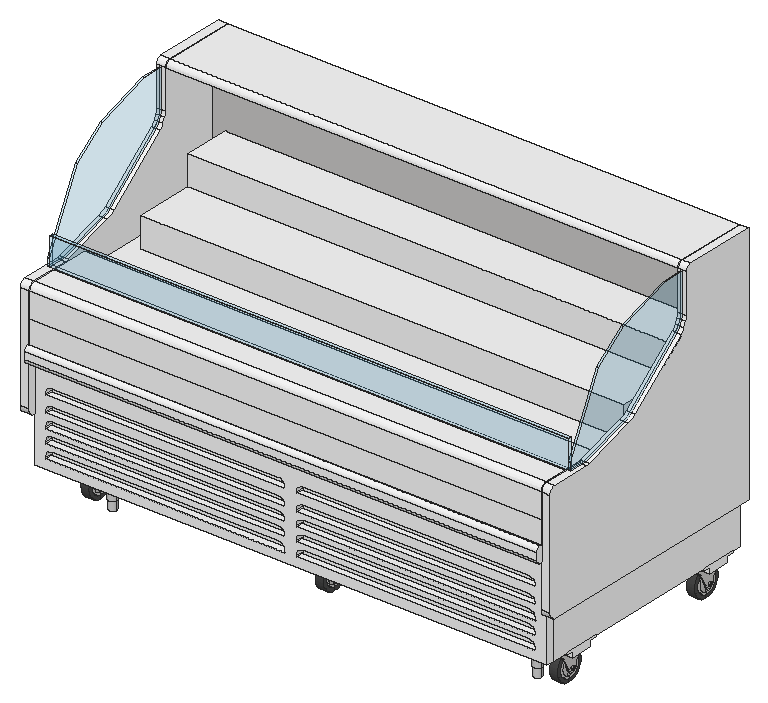
Revit family "QF_EVEREST_EOMH-72-_-35-S_cat", category Specialty Equipment, Revit 2016
Family settings
  Part Type = Normal
  Round Connector Dimension = Use Diameter
  Work Plane-Based = No
  Always vertical = Yes
  Cut with Voids When Loaded = No
  Shared = No
  Room Calculation Point = No
Parameters (values of type "EOMH-36-B-35-S")
  Weight in Pounds = 0
  Watts = if(Phase = 3, Volts * FL Amps * 1.73, Volts * FL Amps)  # 1518 W
  Volts = 115 V
  URL Cutsheet = ""
  Specification by User = ""
  Specification by Manufacturer = ""
  Serial Number = ""
  Seismic Rating = ""
  SMACNA No = ""
  Revision Code = ""
  Refrigerant Volume = 0.00 kip
  Refrigerant Type = "R290"
  Phase = 1
  Number of Poles = 1
  NAFEM Spec ID Number = ""
  Model = "EOMH-36-B-35-S"
  Min Ckt Ampacity = 0 A
  Max Overcurrent Protection = 0 A
  Materials and Finishes = QF_Plastic - White - Smooth
  Masterspec = ""
  Manufacturer = "EVEREST"
  Length = 73 1/4"
  Item Number = ""
  Installed By = ""
  Identify Quantity as Lot = yes
  Height = 46"
  HP = "3/4 x 2"
  Furnished By = ""
  Foodservice Equipment Identifier = yes
  FL Amps = 13.2 A
  Electrical Remarks = ""
  Electric Connection Type = ""
  Elec Conn RI Height = 0"
  Elec Conn Connection Height = 0"
  Description = "OPEN AIR MERCHANDISERS"
  Depth = 34 1/4"  # constant formula
  Cycle = 60 Hz
  Conn Plug = ""
  Conn Conduit = yes
  CSI MasterFormat = ""
  BTUH = 0.0 Btu/h
  Apparent Power = if(Phase = 3, Volts * FL Amps * 1.73, Volts * FL Amps)  # 1518 VA
Types (2): name | Watts | Model | Length | HP | FL Amps | Apparent Power
  EOMH-36-B-35-S | 1518 W | "EOMH-36-B-35-S" | 73 1/4" | "3/4 x 2" | 13.2 A | 1518 VA
  EOMH-36-W-35-S | 808.45 W | "EOMH-36-W-35-S" | 37 1/4" | "1/2" | 7.03 A | 808.45 VA
Reference planes (in)
  plane 1 "BACK": y = 0
  plane 2: z = 0
  plane 3 "LEFT": x = 0
  plane 4 "RIGHT": x = 73.25
  plane 5 "FRONT": y = -35
  plane 6 "TOP": z = 46
  plane 7 "Center Y": x = 36.625
  plane 8 "Center X": y = -17.5
  plane 9: z = 5
  plane 10: y = -34.25
  plane 11: z = 28.75
  plane 12: z = 27.60291
  plane 13: z = 41.47791
  plane 14: z = 34.60291
  plane 15: z = 30.60291
  plane 16: x = 34.02396
  plane 17: x = 4.24624
  plane 18: x = 69.00376
  plane 19: x = 18.3125
Forms (in)
  Extrusion 1, solid, material "QF_Plastic - White - Smooth" <- "Materials and Finishes"
    sketch origin (0, 0, 0) x (0, 1, 0) y (0, 0, 1)
      loop
        line (-34.25, 27.89222) -> (-34.25, 13.267)
        arc (-34.25, 13.267) -> (-33.95711, 12.55989) -> (-33.25, 12.267) r 1
        line (-33.25, 12.267) -> (0, 12.267) -> (0, 46) -> (-9.89202, 46)
        arc (-9.89202, 46) -> (-10.42235, 45.78033) -> (-10.64202, 45.25) r 0.75
        line (-10.64202, 45.25) -> (-10.64202, 39.81762)
        arc (-10.64202, 39.81762) -> (-10.67655, 39.48909) -> (-10.77862, 39.17493) r 1.58011
        line (-10.77862, 39.17493) -> (-11.07326, 38.51317)
        arc (-11.07326, 38.51317) -> (-11.27864, 38.16795) -> (-11.55894, 37.88021) r 1.70881
        line (-11.55894, 37.88021) -> (-19.4737, 31.47097)
        arc (-19.4737, 31.47097) -> (-20.01081, 31.10868) -> (-20.60268, 30.84517) r 3.71678
        line (-20.60268, 30.84517) -> (-27.34035, 28.82267)
        arc (-27.34035, 28.82267) -> (-27.58511, 28.76826) -> (-27.83519, 28.75) r 1.72116
        line (-27.83519, 28.75) -> (-33.39222, 28.75)
        arc (-33.39222, 28.75) -> (-33.99876, 28.49876) -> (-34.25, 27.89222) r 0.85778
    from 0 to 1.22604
  Extrusion 2, solid, material "QF_Plastic - White - Smooth" <- "Materials and Finishes"
    sketch origin (0, 0, 0) x (0, 1, 0) y (0, 0, 1)
      loop
        line (0, 46) -> (-9.89202, 46)
        arc (-9.89202, 46) -> (-10.42235, 45.78033) -> (-10.64202, 45.25) r 0.75
        line (-10.64202, 45.25) -> (-2.75, 45.25) -> (-2.75, 24.45765) -> (-33.25, 24.45765) -> (-33.25, 21.29979) -> (-34.35184, 21.29979)
        arc (-34.35184, 21.29979) -> (-34.81016, 21.10995) -> (-35, 20.65164) r 0.64816
        line (-35, 20.65164) -> (-35, 19.73115)
        arc (-35, 19.73115) -> (-34.82789, 19.31565) -> (-34.41239, 19.14354) r 0.58761
        line (-34.41239, 19.14354) -> (-33.25, 19.14354) -> (-32.25, 19.14354) -> (-32.25, 6.017) -> (0, 6.017) -> (0, 46)
    from 1.22604 to 72.03125
  Extrusion 3, solid, material "QF_Plastic - White - Smooth" <- "Materials and Finishes"
    sketch origin (0, -32.25, 6.017) x (0, 0, 1) y (-1, 0, 0)
      loop
        line (13.12655, -1.22604) -> (0, -1.22604) -> (0, -72.03125) -> (13.12655, -72.03125) -> (13.12655, -1.22604)
      loop
        arc (10.31385, -3.79099) -> (10.02095, -3.08389) -> (9.31385, -2.79099) r 1
        line (9.31385, -2.79099) -> (9.12635, -2.79099) -> (9.12635, -35.86078) -> (9.31385, -35.86078)
        arc (9.31385, -35.86078) -> (10.02095, -35.56789) -> (10.31385, -34.86078) r 1
        line (10.31385, -34.86078) -> (10.31385, -3.79099)
      loop
        line (10.31385, -69.46629) -> (10.31385, -38.40379)
        arc (10.31385, -38.40379) -> (10.02095, -37.69669) -> (9.31385, -37.40379) r 1
        line (9.31385, -37.40379) -> (9.12635, -37.40379) -> (9.12635, -70.46629) -> (9.31385, -70.46629)
        arc (9.31385, -70.46629) -> (10.02095, -70.1734) -> (10.31385, -69.46629) r 1
      loop
        arc (8.06385, -3.79099) -> (7.77095, -3.08389) -> (7.06385, -2.79099) r 1
        line (7.06385, -2.79099) -> (6.87635, -2.79099) -> (6.87635, -35.86078) -> (7.06385, -35.86078)
        arc (7.06385, -35.86078) -> (7.77095, -35.56789) -> (8.06385, -34.86078) r 1
        line (8.06385, -34.86078) -> (8.06385, -3.79099)
      loop
        line (8.06385, -69.46629) -> (8.06385, -38.40379)
        arc (8.06385, -38.40379) -> (7.77095, -37.69669) -> (7.06385, -37.40379) r 1
        line (7.06385, -37.40379) -> (6.87635, -37.40379) -> (6.87635, -70.46629) -> (7.06385, -70.46629)
        arc (7.06385, -70.46629) -> (7.77095, -70.1734) -> (8.06385, -69.46629) r 1
      loop
        arc (6.19272, -3.79099) -> (5.89982, -3.08389) -> (5.19272, -2.79099) r 1
        line (5.19272, -2.79099) -> (5.00522, -2.79099) -> (5.00522, -35.86078) -> (5.19272, -35.86078)
        arc (5.19272, -35.86078) -> (5.89982, -35.56789) -> (6.19272, -34.86078) r 1
        line (6.19272, -34.86078) -> (6.19272, -3.79099)
      loop
        line (6.19272, -69.46629) -> (6.19272, -38.40379)
        arc (6.19272, -38.40379) -> (5.89982, -37.69669) -> (5.19272, -37.40379) r 1
        line (5.19272, -37.40379) -> (5.00522, -37.40379) -> (5.00522, -70.46629) -> (5.19272, -70.46629)
        arc (5.19272, -70.46629) -> (5.89982, -70.1734) -> (6.19272, -69.46629) r 1
      loop
        arc (4.32159, -3.79099) -> (4.02869, -3.08389) -> (3.32159, -2.79099) r 1
        line (3.32159, -2.79099) -> (3.13409, -2.79099) -> (3.13409, -35.86078) -> (3.32159, -35.86078)
        arc (3.32159, -35.86078) -> (4.02869, -35.56789) -> (4.32159, -34.86078) r 1
        line (4.32159, -34.86078) -> (4.32159, -3.79099)
      loop
        line (4.32159, -69.46629) -> (4.32159, -38.40379)
        arc (4.32159, -38.40379) -> (4.02869, -37.69669) -> (3.32159, -37.40379) r 1
        line (3.32159, -37.40379) -> (3.13409, -37.40379) -> (3.13409, -70.46629) -> (3.32159, -70.46629)
        arc (3.32159, -70.46629) -> (4.02869, -70.1734) -> (4.32159, -69.46629) r 1
      loop
        arc (2.45046, -3.79099) -> (2.15757, -3.08389) -> (1.45046, -2.79099) r 1
        line (1.45046, -2.79099) -> (1.26296, -2.79099) -> (1.26296, -35.86078) -> (1.45046, -35.86078)
        arc (1.45046, -35.86078) -> (2.15757, -35.56789) -> (2.45046, -34.86078) r 1
        line (2.45046, -34.86078) -> (2.45046, -3.79099)
      loop
        line (2.45046, -69.46629) -> (2.45046, -38.40379)
        arc (2.45046, -38.40379) -> (2.15757, -37.69669) -> (1.45046, -37.40379) r 1
        line (1.45046, -37.40379) -> (1.26296, -37.40379) -> (1.26296, -70.46629) -> (1.45046, -70.46629)
        arc (1.45046, -70.46629) -> (2.15757, -70.1734) -> (2.45046, -69.46629) r 1
    from 0 to 1.03984
  Extrusion 4, solid, material "QF_Plastic - White - Smooth" <- "Materials and Finishes"
    sketch origin (1.22604, 0, 0) x (0, 1, 0) y (0, 0, 1)
      loop
        line (-33.25, 21.29979) -> (-33.25, 24.45765) -> (-34.25, 24.45765) -> (-34.25, 21.29979) -> (-33.25, 21.29979)
    from 0 to 70.80521
  Extrusion 5, solid, material "QF_Plastic - White - Smooth" <- "Materials and Finishes"
    sketch origin (1.22604, 0, -1.12184) x (0, 1, 0) y (0, 0, 1)
      loop
        line (-30, 29.87184) -> (-30, 25.5795) -> (-2.75, 25.5795) -> (-2.75, 27.57767) -> (-24.75, 27.57767) -> (-24.75, 29.87184) -> (-30, 29.87184)
    from 0 to 70.80521
  Extrusion 6, solid, material "QF_Plastic - White - Smooth"
    sketch origin (0, 0, 0) x (0, 1, 0) y (0, 0, 1)
      loop
        line (-9.25, 30.60291) -> (-17.5, 30.60291) -> (-17.5, 26.45582) -> (-2.75, 26.45582) -> (-2.75, 34.60291) -> (-9.25, 34.60291) -> (-9.25, 30.60291)
    from 3.22604 to 70.02396
  Extrusion 7, solid, material "QF_Plastic - White - Smooth" <- "Materials and Finishes"
    sketch origin (0, 0, 0) x (0, 1, 0) y (0, 0, 1)
      loop
        line (-29.89975, 6.017) -> (-29.89975, 5.767) -> (-28.83868, 5.767) -> (-28.83868, 5) -> (-25.83868, 5) -> (-25.83868, 5.767) -> (-24.79418, 5.767) -> (-24.79418, 6.017) -> (-29.89975, 6.017)
      loop
        line (-6.20569, 6.017) -> (-6.20569, 5.767) -> (-5.14462, 5.767) -> (-5.14462, 5) -> (-2.14462, 5) -> (-2.14462, 5.767) -> (-1.10012, 5.767) -> (-1.10012, 6.017) -> (-6.20569, 6.017)
    from 1.22604 to 72.03125
  Extrusion 8, solid, material "QF_Plastic - White - Smooth" <- "Materials and Finishes"
    sketch origin (1.22604, 0, -1.12184) x (0, 1, 0) y (0, 0, 1)
      loop
        line (-34.25, 29.0036) -> (-34.25, 25.5795) -> (-30, 25.5795) -> (-30, 29.87184) -> (-33.38176, 29.87184)
        arc (-33.38176, 29.87184) -> (-33.9957, 29.61754) -> (-34.25, 29.0036) r 0.86824
    from 0 to 70.80521
  Extrusion 9, solid, material "Glass"
    sketch origin (1.22604, 0, 0) x (0, 1, 0) y (0, 0, 1)
      loop
        arc (-11.55894, 37.88021) -> (-11.27864, 38.16795) -> (-11.07326, 38.51317) r 1.70881
        line (-11.07326, 38.51317) -> (-10.77862, 39.17493)
        arc (-10.77862, 39.17493) -> (-10.67655, 39.48909) -> (-10.64202, 39.81762) r 1.58011
        line (-10.64202, 39.81762) -> (-10.64202, 45.10064) -> (-13.67862, 45.10064) -> (-20.83286, 42.70924) -> (-25.14273, 39.53363) -> (-29.99971, 29.89792) -> (-29.99971, 28.75) -> (-27.83519, 28.75)
        arc (-27.83519, 28.75) -> (-27.58511, 28.76826) -> (-27.34035, 28.82267) r 1.72116
        line (-27.34035, 28.82267) -> (-20.0367, 31.01506) -> (-11.55894, 37.88021)
    from -0.51714 to -0.7699
  Extrusion 10, solid, material "Glass"
    sketch origin (73.25, 0, 0) x (0, -1, 0) y (0, 0, 1)
      loop
        line (20.83286, 42.70924) -> (13.67862, 45.10064) -> (10.64202, 45.10064) -> (10.64202, 39.81762)
        arc (10.64202, 39.81762) -> (10.67655, 39.48909) -> (10.77862, 39.17493) r 1.58011
        line (10.77862, 39.17493) -> (11.07326, 38.51317)
        arc (11.07326, 38.51317) -> (11.27864, 38.16795) -> (11.55894, 37.88021) r 1.70881
        line (11.55894, 37.88021) -> (20.0367, 31.01506) -> (27.34035, 28.82267)
        arc (27.34035, 28.82267) -> (27.58511, 28.76826) -> (27.83519, 28.75) r 1.72116
        line (27.83519, 28.75) -> (29.99971, 28.75) -> (29.99971, 29.89792) -> (25.14273, 39.53363) -> (20.83286, 42.70924)
    from 0.51563 to 0.76953
  Extrusion 11, solid, material "QF_Plastic - White - Smooth" <- "Materials and Finishes"
    sketch origin (73.25, 0, 0) x (0, -1, 0) y (0, 0, 1)
      loop
        arc (34.25, 27.89222) -> (33.99876, 28.49876) -> (33.39222, 28.75) r 0.85778
        line (33.39222, 28.75) -> (27.83519, 28.75)
        arc (27.83519, 28.75) -> (27.58511, 28.76826) -> (27.34035, 28.82267) r 1.72116
        line (27.34035, 28.82267) -> (20.60268, 30.84517)
        arc (20.60268, 30.84517) -> (20.01081, 31.10868) -> (19.4737, 31.47097) r 3.71678
        line (19.4737, 31.47097) -> (11.55894, 37.88021)
        arc (11.55894, 37.88021) -> (11.27864, 38.16795) -> (11.07326, 38.51317) r 1.70881
        line (11.07326, 38.51317) -> (10.77862, 39.17493)
        arc (10.77862, 39.17493) -> (10.67655, 39.48909) -> (10.64202, 39.81762) r 1.58011
        line (10.64202, 39.81762) -> (10.64202, 45.25)
        arc (10.64202, 45.25) -> (10.42235, 45.78033) -> (9.89202, 46) r 0.75
        line (9.89202, 46) -> (0, 46) -> (0, 12.267) -> (33.25, 12.267)
        arc (33.25, 12.267) -> (33.95711, 12.55989) -> (34.25, 13.267) r 1
        line (34.25, 13.267) -> (34.25, 27.89222)
    from 0 to 1.21875
  Extrusion 12, solid, material "Glass"
    sketch origin (0.7089, 0, 0) x (0, 1, 0) y (0, 0, 1)
      loop
        line (-29.99971, 28.75) -> (-29.49971, 28.75) -> (-29.49971, 32.75) -> (-29.99971, 32.75) -> (-29.99971, 28.75)
    from 0 to 71.77157
  Extrusion 13, solid, material "QF_Metal - Stainless - Polished"
    sketch origin (-0.3125, 0.75, 0) x (1, 0, 0) y (0, 1, 0)
      loop
        line (17.93111, 0.25) -> (17.62982, -0.625) -> (17.14606, -0.625) -> (17.08777, -0.75) -> (17.71898, -0.75) -> (18.02027, 0.125) -> (19.22973, 0.125) -> (19.53102, -0.75) -> (20.16223, -0.75) -> (20.10394, -0.625) -> (19.62018, -0.625) -> (19.31889, 0.25) -> (17.93111, 0.25)
    from 30.20553 to 31.45625
  Extrusion 14, solid, material "QF_Metal - Stainless - Polished"
    sketch origin (73.5625, 0.75, 0) x (-1, 0, 0) y (0, -1, 0)
      loop
        line (17.93111, -0.25) -> (19.31889, -0.25) -> (19.62018, 0.625) -> (20.10394, 0.625) -> (20.16223, 0.75) -> (19.53102, 0.75) -> (19.22973, -0.125) -> (18.02027, -0.125) -> (17.71898, 0.75) -> (17.08777, 0.75) -> (17.14606, 0.625) -> (17.62982, 0.625) -> (17.93111, -0.25)
    from 30.20553 to 31.45625
Lines and regions (in)
  symbolic lines
    curve 1: line (0, -34.25, 0) -> (73.25, -34.25, 0)
    curve 2: line (0, 0, 0) -> (0, -34.25, 0)
    curve 3: line (73.25, 0, 0) -> (0, 0, 0)
    curve 4: line (73.25, -34.25, 0) -> (73.25, 0, 0)
    curve 5: line (1.22604, -35, 0) -> (1.22604, -34.25, 0)
    curve 6: line (1.22604, -35, 0) -> (72.02396, -35, 0)
    curve 7: line (72.02396, -35, 0) -> (72.02396, -34.25, 0)
    curve 8: line (1.22604, 0, 0) -> (1.22604, -34.25, 0)
    curve 9: line (72.02396, 0, 0) -> (72.02396, -34.25, 0)
    curve 10: line (0.45614, -30.09346, 0) -> (0.7089, -30.09346, 0)
    curve 11: line (0.7089, -30.09346, 0) -> (0.7089, -10.64202, 0)
    curve 12: line (0.45614, -30.09346, 0) -> (0.45614, -10.64202, 0)
    curve 13: line (0, -10.64202, 0) -> (73.25, -10.64202, 0)
    curve 14: line (72.5411, -30.09346, 0) -> (72.5411, -10.64202, 0)
    curve 15: line (72.5411, -30.09346, 0) -> (72.79386, -30.09346, 0)
    curve 16: line (72.79386, -30.09346, 0) -> (72.79386, -10.64202, 0)
    curve 17: line (1.22604, -24.75, 0) -> (72.02396, -24.75, 0)
    curve 18: line (19.00639, 1, 0) -> (17.61861, 1, 0)
    curve 19: line (16.83356, 0.125, 0) -> (16.77527, 0, 0)
    curve 20: line (19.30768, 0.125, 0) -> (19.00639, 1, 0)
    curve 21: line (19.79144, 0.125, 0) -> (19.30768, 0.125, 0)
    curve 22: line (19.84973, 0, 0) -> (19.79144, 0.125, 0)
    curve 23: line (18.91723, 0.875, 0) -> (19.21852, 0, 0)
    curve 24: line (17.70777, 0.875, 0) -> (18.91723, 0.875, 0)
    curve 25: line (17.40648, 0, 0) -> (17.70777, 0.875, 0)
    curve 26: line (17.61861, 1, 0) -> (17.31732, 0.125, 0)
    curve 27: line (17.31732, 0.125, 0) -> (16.83356, 0.125, 0)
    curve 28: line (54.24361, 1, 0) -> (55.63139, 1, 0)
    curve 29: line (56.41644, 0.125, 0) -> (56.47473, 0, 0)
    curve 30: line (53.94232, 0.125, 0) -> (54.24361, 1, 0)
    curve 31: line (53.45856, 0.125, 0) -> (53.94232, 0.125, 0)
    curve 32: line (53.40027, 0, 0) -> (53.45856, 0.125, 0)
    curve 33: line (54.33277, 0.875, 0) -> (54.03148, 0, 0)
    curve 34: line (55.54223, 0.875, 0) -> (54.33277, 0.875, 0)
    curve 35: line (55.84352, 0, 0) -> (55.54223, 0.875, 0)
    curve 36: line (55.63139, 1, 0) -> (55.93268, 0.125, 0)
    curve 37: line (55.93268, 0.125, 0) -> (56.41644, 0.125, 0)
Dimensions and locks (in)
  equal spacing: plane 3 "LEFT", plane 7 "Center Y", plane 4 "RIGHT"
  "Length": plane 3 "LEFT" to plane 4 "RIGHT"
  equal spacing: plane 5 "FRONT", plane 8 "Center X", plane 1 "BACK"
  plane 5 "FRONT" to plane 1 "BACK" = 35"  (x2)
  "Height": plane 6 "TOP" to level
  plane 9 to plane 2 = 5"
  plane 6 "TOP" to plane 9 = 41"
  plane 4 "RIGHT" to plane 3 "LEFT" = 73 1/4"
  "Depth": plane 1 "BACK" to plane 10
  plane 11 to plane 2 = 28 3/4"
  plane 14 to plane 13 = 6 7/8"
  plane 15 to plane 13 = 10 7/8"
  plane 12 to plane 13 = 13 7/8"
  locked: plane 4 "RIGHT" to Extrusion 6 at 3.22604
  locked: plane 3 "LEFT" to Extrusion 6 at 3.22604
  locked: Extrusion 11 to plane 4 "RIGHT" at 1.21875
  locked: plane 18 to plane 4 "RIGHT" at 4.24624
  aligned and locked: plane 2 to level
  aligned and locked: Extrusion 2 to Extrusion 7
  aligned and locked: Extrusion 2 to Extrusion 11
  aligned and locked: Extrusion 8 to Extrusion 11
  aligned and locked: Extrusion 5 to Extrusion 11
  aligned and locked: Extrusion 4 to Extrusion 11
  aligned and locked: nested 2 to plane 18
  aligned and locked: nested 4 to plane 18
Automatic sketch dimensions
  curve 13 to plane 3 "LEFT" = 0"
  plane 5 "FRONT" to curve 6 = 0"
  plane 1 "BACK" to curve 8 = 0"
  curve 8 to plane 10 = 0"
  curve 4 to plane 4 "RIGHT" = 0"
  plane 3 "LEFT" to curve 10 = 0.45614"
  curve 10 to curve 10 = 0.25276"
  plane 3 "LEFT" to curve 6 = 1.22604"
  curve 27 to plane 1 "BACK" = 1/8"
  curve 27 to plane 19 = 1.47894"
  curve 19 to curve 26 = 0.48376"
  curve 18 to plane 19 = 0.69389"
  curve 18 to curve 25 = 0.08916"
  plane 19 to curve 24 = 0.60473"
  curve 23 to curve 20 = 0.08916"  (x2)
  curve 20 to plane 1 "BACK" = 1/8"
  curve 23 to curve 20 = 0.39045"
  curve 20 to curve 22 = 0.48376"
  curve 32 to plane 1 "BACK" = 1/8"
  plane 18 to curve 32 = 15.5452"
  curve 31 to curve 31 = 0.48376"
  curve 30 to curve 28 = 0.30129"
  curve 28 to curve 34 = 0.08916"
  curve 33 to curve 34 = 1.20946"
  curve 36 to plane 1 "BACK" = 1"
  curve 34 to curve 36 = 0.08916"
  curve 36 to plane 1 "BACK" = 1/8"
  curve 34 to curve 36 = 0.39045"
  curve 36 to curve 29 = 0.48376"
  plane 4 "RIGHT" to curve 7 = 1.22604"
  plane 4 "RIGHT" to curve 15 = 0.7089"
  curve 14 to curve 16 = 0.25276"
  plane 10 to curve 10 = 4.15654"
  plane 10 to curve 16 = 4.15654"
  curve 26 to curve 24 = 3/4"
  curve 35 to curve 28 = 1/8"
  curve 24 to curve 26 = 1/8"
  plane 3 "LEFT" to curve 17 = 1.22604"
  curve 19 to curve 19 = 0.05829"
  curve 26 to curve 25 = 0.08916"
  curve 21 to curve 22 = 0.05829"
  curve 32 to curve 31 = 0.05829"
  curve 30 to curve 33 = 0.08916"
  curve 35 to curve 36 = 0.08916"
  curve 29 to curve 29 = 0.05829"
  plane 4 "RIGHT" to curve 17 = 1.22604"
  curve 10 to curve 17 = 5.34346"
  plane 8 "Center X" to curve 12 = 6.85798"
  Extrusion 1 sketch curve to plane 10 = 0"
  Extrusion 1 sketch curve to plane 11 = 0"
  Extrusion 1 sketch curve to plane 6 "TOP" = 0"
  Extrusion 1 sketch curve to plane 1 "BACK" = 0"
  Extrusion 1 sketch curve to plane 12 = 0.28931"
  plane 10 to Extrusion 1 sketch curve = 1"
  plane 15 to Extrusion 1 sketch curve = 0.13175"
  Extrusion 1 sketch curve to Extrusion 1 sketch curve = 5.55703"
  plane 11 to Extrusion 1 sketch curve = 0.07267"
  plane 14 to Extrusion 1 sketch curve = 0.24346"
  Extrusion 1 sketch curve to plane 8 "Center X" = 4.31274"
  Extrusion 1 sketch curve to plane 15 = 0.24226"
  Extrusion 1 sketch curve to plane 8 "Center X" = 3.10268"
  Extrusion 1 sketch curve to plane 15 = 0.86806"
  plane 13 to Extrusion 1 sketch curve = 2.26971"
  plane 8 "Center X" to Extrusion 1 sketch curve = 4.86567"
  Extrusion 1 sketch curve to Extrusion 1 sketch curve = 0.4122"
  Extrusion 1 sketch curve to Extrusion 1 sketch curve = 1.07539"
  plane 13 to Extrusion 1 sketch curve = 2.96474"
  Extrusion 1 sketch curve to Extrusion 1 sketch curve = 0.48569"
  plane 13 to Extrusion 1 sketch curve = 2.30298"
  Extrusion 1 sketch curve to Extrusion 1 sketch curve = 0.29463"
  Extrusion 1 sketch curve to Extrusion 1 sketch curve = 0.13661"
  Extrusion 1 sketch curve to Extrusion 1 sketch curve = 3/4"
  plane 9 to Extrusion 1 sketch curve = 8.267"
  Extrusion 2 sketch curve to plane 5 "FRONT" = 0"
  Extrusion 2 sketch curve to plane 6 "TOP" = 0"
  Extrusion 2 sketch curve to plane 1 "BACK" = 0"
  Extrusion 2 sketch curve to plane 10 = 0.16239"
  Extrusion 2 sketch curve to plane 10 = 0.10184"
  plane 10 to Extrusion 2 sketch curve = 1"  (x2)
  Extrusion 2 sketch curve to Extrusion 2 sketch curve = 1"
  Extrusion 2 sketch curve to plane 6 "TOP" = 3/4"
  plane 8 "Center X" to Extrusion 2 sketch curve = 6.85798"
  plane 1 "BACK" to Extrusion 2 sketch curve = 2 3/4"
  plane 12 to Extrusion 2 sketch curve = 3.14526"
  Extrusion 2 sketch curve to Extrusion 2 sketch curve = 3.15786"
  Extrusion 2 sketch curve to Extrusion 2 sketch curve = 0.92048"
  plane 9 to Extrusion 2 sketch curve = 1.017"
  Extrusion 3 sketch curve to Extrusion 2 = 0"  (x4)
  Extrusion 2 to Extrusion 3 sketch curve = 1.26296"  (x2)
  Extrusion 3 sketch curve to Extrusion 3 sketch curve = 3/16"  (x16)
  Extrusion 3 sketch curve to Extrusion 3 sketch curve = 1"  (x14)
  Extrusion 3 sketch curve to Extrusion 3 sketch curve = 0.68363"  (x6)
  Extrusion 3 sketch curve to Extrusion 3 sketch curve = 0.87113"  (x4)
  Extrusion 3 sketch curve to Extrusion 3 sketch curve = 1 1/16"  (x2)
  Extrusion 2 to Extrusion 3 sketch curve = 1.56496"  (x3)
  Extrusion 3 sketch curve to Extrusion 3 sketch curve = 31 1/16"
  Extrusion 3 sketch curve to Extrusion 3 sketch curve = 0"  (x7)
  Extrusion 3 sketch curve to Extrusion 3 sketch curve = 1.54301"  (x3)
  Extrusion 2 to Extrusion 3 sketch curve = 2.56496"  (x2)
  Extrusion 4 sketch curve to Extrusion 1 = 0"
  Extrusion 4 sketch curve to Extrusion 4 sketch curve = 1"
  Extrusion 4 sketch curve to Extrusion 1 = 7.45021"
  Extrusion 4 sketch curve to Extrusion 4 sketch curve = 3.15786"
  Extrusion 5 sketch curve to Extrusion 1 = 0"
  Extrusion 5 sketch curve to Extrusion 1 = 4 1/4"
  Extrusion 5 sketch curve to Extrusion 1 = 2.29418"
  Extrusion 5 sketch curve to Extrusion 5 sketch curve = 5 1/4"
  Extrusion 5 sketch curve to Extrusion 1 = 2 3/4"
  Extrusion 5 sketch curve to Extrusion 5 sketch curve = 1.99817"
  Extrusion 6 sketch curve to plane 8 "Center X" = 0"
  plane 15 to Extrusion 6 sketch curve = 0"
  plane 14 to Extrusion 6 sketch curve = 0"
  plane 8 "Center X" to Extrusion 6 sketch curve = 8 1/4"
  plane 1 "BACK" to Extrusion 6 sketch curve = 2 3/4"
  plane 12 to Extrusion 6 sketch curve = 1.14709"
  Extrusion 7 sketch curve to plane 9 = 0"  (x2)
  plane 9 to Extrusion 7 sketch curve = 1.017"  (x2)
  plane 10 to Extrusion 7 sketch curve = 4.35025"
  Extrusion 7 sketch curve to Extrusion 7 sketch curve = 1.06106"  (x2)
  Extrusion 7 sketch curve to Extrusion 7 sketch curve = 3"
  Extrusion 7 sketch curve to Extrusion 7 sketch curve = 1.0445"  (x2)
  plane 1 "BACK" to Extrusion 7 sketch curve = 6.20569"
  plane 1 "BACK" to Extrusion 7 sketch curve = 2.14462"
  Extrusion 7 sketch curve to Extrusion 7 sketch curve = 0.767"  (x3)
  Extrusion 7 sketch curve to Extrusion 7 sketch curve = 1/4"
  Extrusion 8 sketch curve to Extrusion 1 = 0"  (x2)
  Extrusion 8 sketch curve to Extrusion 1 = 0.86824"
  Extrusion 8 sketch curve to Extrusion 8 sketch curve = 4 1/4"
  Extrusion 8 sketch curve to Extrusion 1 = 4.29235"
  Extrusion 9 sketch curve to Extrusion 1 = 0"
  Extrusion 1 to Extrusion 9 sketch curve = 0"
  Extrusion 1 to Extrusion 9 sketch curve = 1.14792"
  Extrusion 9 sketch curve to Extrusion 9 sketch curve = 2.16452"
  Extrusion 1 to Extrusion 9 sketch curve = 0.07267"
  Extrusion 9 sketch curve to Extrusion 1 = 9.10727"
  Extrusion 9 sketch curve to Extrusion 1 = 3.29076"
  Extrusion 9 sketch curve to Extrusion 9 sketch curve = 4.30988"
  Extrusion 9 sketch curve to Extrusion 1 = 0.89936"
  Extrusion 1 to Extrusion 9 sketch curve = 3.0366"
  Extrusion 1 to Extrusion 9 sketch curve = 0.43124"
  Extrusion 1 to Extrusion 9 sketch curve = 0.13661"
  Extrusion 9 sketch curve to Extrusion 9 sketch curve = 3.17561"
  Extrusion 9 sketch curve to Extrusion 9 sketch curve = 0.48569"
  Extrusion 9 sketch curve to Extrusion 9 sketch curve = 0"
  Extrusion 10 sketch curve to plane 11 = 0"
  Extrusion 10 sketch curve to plane 6 "TOP" = 0.89936"
  plane 8 "Center X" to Extrusion 10 sketch curve = 6.85798"
  plane 13 to Extrusion 10 sketch curve = 2.30298"
  Extrusion 10 sketch curve to Extrusion 10 sketch curve = 0.13661"
  plane 13 to Extrusion 10 sketch curve = 2.96474"
  Extrusion 10 sketch curve to Extrusion 10 sketch curve = 0.29463"
  Extrusion 10 sketch curve to plane 14 = 3.2773"
  Extrusion 10 sketch curve to Extrusion 10 sketch curve = 0.48569"
  Extrusion 10 sketch curve to Extrusion 10 sketch curve = 1.4435"
  Extrusion 10 sketch curve to Extrusion 10 sketch curve = 0.4122"
  Extrusion 10 sketch curve to Extrusion 10 sketch curve = 3.0366"
  Extrusion 10 sketch curve to plane 15 = 0.41215"
  Extrusion 10 sketch curve to plane 8 "Center X" = 2.5367"
  Extrusion 10 sketch curve to plane 13 = 1.23133"
  Extrusion 10 sketch curve to plane 8 "Center X" = 3.33286"
  plane 13 to Extrusion 10 sketch curve = 1.94428"
  Extrusion 10 sketch curve to Extrusion 10 sketch curve = 4.30988"
  plane 11 to Extrusion 10 sketch curve = 0.07267"
  plane 10 to Extrusion 10 sketch curve = 6.90965"
  Extrusion 10 sketch curve to Extrusion 10 sketch curve = 0.49484"
  plane 15 to Extrusion 10 sketch curve = 0.70499"
  Extrusion 10 sketch curve to Extrusion 10 sketch curve = 2.16452"
  Extrusion 11 sketch curve to plane 1 "BACK" = 0"
  Extrusion 11 sketch curve to plane 6 "TOP" = 0"
  Extrusion 11 sketch curve to plane 11 = 0"
  Extrusion 11 sketch curve to plane 10 = 0"
  plane 8 "Center X" to Extrusion 11 sketch curve = 7.60798"
  Extrusion 11 sketch curve to plane 6 "TOP" = 3/4"
  plane 13 to Extrusion 11 sketch curve = 2.30298"
  Extrusion 11 sketch curve to Extrusion 11 sketch curve = 0.13661"
  plane 13 to Extrusion 11 sketch curve = 2.96474"
  Extrusion 11 sketch curve to Extrusion 11 sketch curve = 0.29463"
  Extrusion 11 sketch curve to plane 14 = 3.2773"
  Extrusion 11 sketch curve to Extrusion 11 sketch curve = 0.48569"
  Extrusion 11 sketch curve to Extrusion 11 sketch curve = 1.4435"
  Extrusion 11 sketch curve to Extrusion 11 sketch curve = 0.4122"
  Extrusion 11 sketch curve to plane 15 = 0.86806"
  Extrusion 11 sketch curve to plane 8 "Center X" = 1.9737"
  Extrusion 11 sketch curve to plane 15 = 0.24226"
  Extrusion 11 sketch curve to Extrusion 11 sketch curve = 1.12898"
  plane 14 to Extrusion 11 sketch curve = 0.24346"
  plane 11 to Extrusion 11 sketch curve = 0.07267"
  plane 10 to Extrusion 11 sketch curve = 6.90965"
  plane 15 to Extrusion 11 sketch curve = 0.13175"
  Extrusion 11 sketch curve to Extrusion 11 sketch curve = 1"
  plane 10 to Extrusion 11 sketch curve = 0.85778"
  plane 9 to Extrusion 11 sketch curve = 8.267"
  Extrusion 12 sketch curve to plane 11 = 0"
  plane 14 to Extrusion 12 sketch curve = 1.85291"
  plane 10 to Extrusion 12 sketch curve = 4.25029"
  Extrusion 12 sketch curve to Extrusion 12 sketch curve = 1/2"
  plane 1 "BACK" to Extrusion 13 sketch curve = 0"  (x2)
  Extrusion 13 sketch curve to plane 19 = 1.53723"
  Extrusion 13 sketch curve to plane 1 "BACK" = 1/8"  (x2)
  Extrusion 13 sketch curve to Extrusion 13 sketch curve = 0.05829"  (x2)
  Extrusion 13 sketch curve to Extrusion 13 sketch curve = 0.48376"  (x2)
  Extrusion 13 sketch curve to Extrusion 13 sketch curve = 0.08916"  (x4)
  Extrusion 13 sketch curve to plane 19 = 0.69389"
  plane 19 to Extrusion 13 sketch curve = 0.60473"
  plane 19 to Extrusion 13 sketch curve = 0.90602"
  Extrusion 13 sketch curve to Extrusion 13 sketch curve = 3/4"
  Extrusion 13 sketch curve to Extrusion 13 sketch curve = 1/8"
  plane 1 "BACK" to Extrusion 14 sketch curve = 0"  (x2)
  plane 18 to Extrusion 14 sketch curve = 12.52903"
  Extrusion 14 sketch curve to plane 1 "BACK" = 1/8"  (x2)
  Extrusion 14 sketch curve to Extrusion 14 sketch curve = 0.05829"  (x2)
  Extrusion 14 sketch curve to Extrusion 14 sketch curve = 0.48376"  (x2)
  Extrusion 14 sketch curve to Extrusion 14 sketch curve = 0.08916"  (x4)
  Extrusion 14 sketch curve to plane 1 "BACK" = 1"
  Extrusion 14 sketch curve to Extrusion 14 sketch curve = 0.30129"  (x2)
  Extrusion 14 sketch curve to plane 1 "BACK" = 7/8"
  Extrusion 14 sketch curve to Extrusion 14 sketch curve = 1.20946"
  radius of Extrusion 9 sketch curve to Extrusion 1 = 0"  (x3)
Nested families (in)
  nested 1: "5 INCHES 01_CASTER 2" at (4.24624, -27.33868, 0), type "5 INCHES 01_CASTER 2"
    with Type Mark "", Specification by User "", Revision Code "", Item Number "", Installed By "", Identify Quantity as Lot yes, Furnished By "", Foodservice Equipment Identifier yes
  nested 2: "5 INCHES 01_CASTER 2" at (69.00376, -27.33868, 0), type "5 INCHES 01_CASTER 2"
    with Type Mark "", Specification by User "", Revision Code "", Item Number "", Installed By "", Identify Quantity as Lot yes, Furnished By "", Foodservice Equipment Identifier yes
  nested 3: "5 INCHES 01_CASTER 2" at (4.24624, -3.64462, 0), type "5 INCHES 01_CASTER 2"
    with Type Mark "", Specification by User "", Revision Code "", Item Number "", Installed By "", Identify Quantity as Lot yes, Furnished By "", Foodservice Equipment Identifier yes
  nested 4: "5 INCHES 01_CASTER 2" at (69.00376, -3.64462, 0), type "5 INCHES 01_CASTER 2"
    with Type Mark "", Specification by User "", Revision Code "", Item Number "", Installed By "", Identify Quantity as Lot yes, Furnished By "", Foodservice Equipment Identifier yes
  nested 5: "5 INCHES 01_CASTER 2" at (36.625, -27.33868, 0), type "5 INCHES 01_CASTER 2"
    with Type Mark "", Specification by User "", Revision Code "", Item Number "", Installed By "", Identify Quantity as Lot yes, Furnished By "", Foodservice Equipment Identifier yes
  nested 6: "5 INCHES 01_CASTER 2" at (36.625, -3.64462, 0), type "5 INCHES 01_CASTER 2"
    with Type Mark "", Specification by User "", Revision Code "", Item Number "", Installed By "", Identify Quantity as Lot yes, Furnished By "", Foodservice Equipment Identifier yes
  nested 7: "4 INCHES LEGS" at (7.24624, -27.33868, 0), type "4 INCHES LEGS"
    with Type Mark "", Status "", Specification by User "", Show Legs yes, Show 6" Casters yes, Revision Code "", Item Number "", Installed By "", Identify Quantity as Lot yes, Furnished By "", Foodservice Equipment Identifier yes
  nested 8: "4 INCHES LEGS" at (66.00376, -27.33868, 0) x (-1, 0, 0) z (0, 0, 1), type "4 INCHES LEGS"
    with Type Mark "", Status "", Specification by User "", Show Legs yes, Show 6" Casters yes, Revision Code "", Item Number "", Installed By "", Identify Quantity as Lot yes, Furnished By "", Foodservice Equipment Identifier yes
Connectors (in)
  electrical at (56.15912, 0, 30.83089), driven by "Volts", driven by "Watts"
    settings: on Extrusion 14, index 4, voltage 115 V, apparent load 1518 VA, apparent load phase1 0 VA, apparent load phase2 0 VA, apparent load phase3 0 VA, power factor 1, load classification "Other", number of poles 1, system type 30, power factor state 1, is connector primary yes, connector utility no, sub classification motor no, connector description "ELECTRICAL CONNECTION"
Definition of nested family "5 INCHES 01_CASTER 2"
  Parameters (values of type "5 INCHES 01_CASTER 2")
    Weight = ""
    URL Manufacturer = ""
    URL Cutsheet = ""
    URL = ""
    Type Mark [instance] = ""
    Specification by User [instance] = ""
    Specification by Manufacturer = ""
    Serial Number = ""
    Seismic Rating = ""
    SMACNA No = ""
    Revision Code [instance] = ""
    Omniclass Number and Title = ""
    NAFEM Spec ID Number = ""
    Model = ""
    MasterSpec. = ""
    Manufacturer = ""
    Item Number [instance] = ""
    Installed By [instance] = ""
    Identify Quantity as Lot [instance] = yes
    Furnished By [instance] = ""
    Foodservice Equipment Identifier [instance] = yes
    Description = ""
    CSI MasterFormat = ""
    CSI Master Format = ""
    Assembly Code = ""
  Reference planes (in)
    plane 1: z = 0
    plane 2 "RIGHT": x = 0
    plane 3 "FRONT": y = 0
    plane 4 "TOP": z = 5
  Forms (in)
    Revolve 1, solid
      sketch origin (-1.93794, 0.99859, -1.0041) x (1, 0, 0) y (0, 0, 1)
        loop
          line (0.74055, 3.0041) -> (0.74055, 2.9286) -> (0.79055, 2.8786) -> (0.85055, 2.8786) -> (0.85055, 2.75852) -> (1.235, 2.75852) -> (1.235, 2.56618) -> (1.37557, 2.48502) -> (1.49133, 1.76972) -> (1.34375, 1.76972) -> (1.34375, 1.53535) -> (1.375, 1.53535) -> (1.375, 1.0041) -> (2.48438, 1.0041) -> (2.48438, 1.53535) -> (2.51563, 1.53535) -> (2.51563, 1.76972) -> (2.36805, 1.76972) -> (2.48438, 2.48853) -> (2.62438, 2.56936) -> (2.62438, 2.75852) -> (3.04007, 2.75852) -> (3.04007, 2.8786) -> (3.10007, 2.8786) -> (3.15007, 2.9286) -> (3.15007, 3.0041) -> (0.74055, 3.0041)
        axis (0.74055, 3.0041) -> (3.15007, 3.0041)
      angle from 0 to 360
    Extrusion 2, solid
      sketch origin (-1.93794, 1.96337, -0.7541) x (0, 1, 0) y (0, 0, 1)
        loop
          line (-3.37739, 5.33423) -> (-3.37739, 4.92712) -> (-2.49294, 4.92712)
          arc (-2.49294, 4.92712) -> (-1.47209, 4.91752) -> (-0.46376, 4.75787) r 6.92153
          arc (-0.46376, 4.75787) -> (0.14199, 4.53396) -> (0.67481, 4.16904) r 2.62713
          line (0.67481, 4.16904) -> (0.7876, 4.33012)
          arc (0.7876, 4.33012) -> (0.48098, 4.5674) -> (0.13288, 4.73811) r 1.91675
          line (0.13288, 4.73811) -> (0.21197, 4.87494)
          arc (0.21197, 4.87494) -> (-0.1576, 5.02102) -> (-0.54934, 5.08775) r 1.91675
          line (-0.54934, 5.08775) -> (-0.54934, 5.33423) -> (-3.37739, 5.33423)
      from 1.17357 to 2.70231
    Revolve 3, solid
      sketch origin (0, 2.15543, -1.25) x (0, 1, 0) y (0, 0, 1)
        loop
          line (-2.21793, 6.25) -> (-2.21793, 5.83014) -> (-1.05793, 5.83014) -> (-1.05793, 6.25) -> (-2.21793, 6.25)
        axis (-2.21793, 5.83014) -> (-2.21793, 6.25)
      angle from 0 to 360
    Extrusion 4, solid
      sketch origin (-1.98481, 1.96337, -0.7541) x (0, 1, 0) y (0, 0, 1)
        loop
          line (-3.37739, 5.33423) -> (-3.37739, 4.92712) -> (-3.13361, 4.92712)
          arc (-3.13361, 4.92712) -> (-2.12623, 3.92533) -> (-1.55834, 2.62307) r 3.79122
          arc (-1.55834, 2.62307) -> (-0.81477, 2.14247) -> (-0.31772, 2.87515) r 0.63314
          arc (-0.31772, 2.87515) -> (-0.02244, 3.67728) -> (0.68637, 4.15498) r 1.39003
          line (0.68637, 4.15498) -> (0.7876, 4.33012)
          arc (0.7876, 4.33012) -> (0.48098, 4.5674) -> (0.13288, 4.73811) r 1.91675
          line (0.13288, 4.73811) -> (0.21197, 4.87494)
          arc (0.21197, 4.87494) -> (-0.1576, 5.02102) -> (-0.54934, 5.08775) r 1.91675
          line (-0.54934, 5.08775) -> (-0.54934, 5.33423) -> (-3.37739, 5.33423)
      from 2.74918 to 2.90825
    Extrusion 5, solid
      sketch origin (1.98481, 1.96337, -0.7541) x (0, 1, 0) y (0, 0, -1)
        loop
          line (-3.37739, -5.33423) -> (-0.54934, -5.33423) -> (-0.54934, -5.08775)
          arc (-0.54934, -5.08775) -> (-0.1576, -5.02102) -> (0.21197, -4.87494) r 1.91675
          line (0.21197, -4.87494) -> (0.13288, -4.73811)
          arc (0.13288, -4.73811) -> (0.48098, -4.5674) -> (0.7876, -4.33012) r 1.91675
          line (0.7876, -4.33012) -> (0.68637, -4.15498)
          arc (0.68637, -4.15498) -> (-0.02244, -3.67728) -> (-0.31772, -2.87515) r 1.39003
          arc (-0.31772, -2.87515) -> (-0.81477, -2.14247) -> (-1.55834, -2.62307) r 0.63314
          arc (-1.55834, -2.62307) -> (-2.12623, -3.92533) -> (-3.13361, -4.92712) r 3.79122
          line (-3.13361, -4.92712) -> (-3.37739, -4.92712) -> (-3.37739, -5.33423)
      from 2.74918 to 2.90825
  Cuts and joins
    joined: Extrusion 2, Extrusion 4, Extrusion 5
  Lines and regions (in)
    symbolic lines
      curve 1: line (0.54262, 2.21348, 0) -> (1.50337, 1.65879, 0)
      curve 2: line (-1.45738, -1.25062, 0) -> (-0.70738, 0.04842, 0)
      curve 3: line (-0.49663, -1.80531, 0) -> (-1.45738, -1.25062, 0)
      curve 4: line (1.50337, 1.65879, 0) -> (0.75337, 0.35975, 0)
      curve 5: line (-0.20738, 0.91444, 0) -> (0.54262, 2.21348, 0)
      curve 6: line (0.25337, -0.50627, 0) -> (-0.49663, -1.80531, 0)
  Dimensions and locks (in)
    plane 4 "TOP" to level = 5"  (x2)
    aligned and locked: level to plane 1
Definition of nested family "4 INCHES LEGS"
  Parameters (values of type "4 INCHES LEGS")
    Weight = ""
    URL Manufacturer = ""
    URL Cutsheet = ""
    URL = ""
    Type Mark [instance] = ""
    Status [instance] = ""
    Specification by User [instance] = ""
    Specification by Manufacturer = ""
    Show Legs [instance] = yes
    Show 6" Casters [instance] = yes
    Serial Number = ""
    Seismic Rating = ""
    SMACNA No = ""
    Revision Code [instance] = ""
    Omniclass Number and Title = ""
    NAFEM Spec ID Number = ""
    Model = ""
    MasterSpec. = ""
    Manufacturer = ""
    Item Number [instance] = ""
    Installed By [instance] = ""
    Identify Quantity as Lot [instance] = yes
    Furnished By [instance] = ""
    Foodservice Equipment Identifier [instance] = yes
    Description = ""
    CSI MasterFormat = ""
    CSI Master Format = ""
    Assembly Code = ""
  Reference planes (in)
    plane 1: z = 0
    plane 2 "RIGHT": x = 0
    plane 3 "FRONT": y = 0
    plane 4 "TOP": z = 5
  Forms (in)
    Revolve 1, solid, visible <- "Show Legs"
      sketch origin (11.12172, 0, 0) x (-1, 0, 0) y (0, 0, -1)
        loop
          line (11.12172, -5) -> (11.12172, 0) -> (10.62172, 0) -> (10.62172, -1.30261) -> (10.49672, -1.30261) -> (10.37172, -3.02631) -> (10.37172, -4.75) -> (10.12172, -4.75) -> (10.12172, -5) -> (11.12172, -5)
        axis (11.12172, 0) -> (11.12172, -5)
      angle from 0 to 360
  Dimensions and locks (in)
    plane 4 "TOP" to level = 5"  (x2)
    locked: Revolve 1 sketch curve to Revolve 1 sketch curve at 1.30261
    locked: Revolve 1 sketch curve to Revolve 1 sketch curve at 0.75
    aligned and locked: level to plane 1
